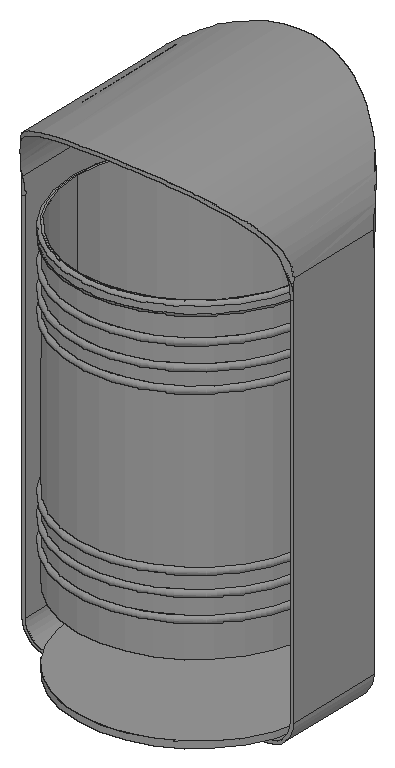
Revit family "Урна стальная «Марс» Арт 12733", category Антураж, Revit 2018
Family settings
  На основе рабочей плоскости = Нет
  Всегда вертикально = Да
  При загрузке вырезать с полостями = Нет
  Источник визуального образа = Геометрия семейства
  Общий = Нет
  Точка расчета площади = Нет
Parameters (values of type "Урна стальная «Марс»")
  Длина = 410 mm  # constant formula
  Ширина = 380 mm  # constant formula
  Цвет урны = Сталь (черная)
  Цвет отделки = Сталь (коричневая)
  Описание = "Урна стальная «Марс»"  # constant formula
  Материал изделия = "Сталь"  # constant formula
  Изображение типоразмера = Урна стальная «Марс» Арт 12733.jpg
  Изготовитель = "ООО «Хоббика»"  # constant formula
  Группа модели = "Уличные урны"  # constant formula
  Высота = 790 mm  # constant formula
  Артикул товара = "Арт. 12733"  # constant formula
  URL = "https://hobbyka.ru/product/urna_stalnaya_mars/"
Reference planes
  plane 1 "По центру (Вперед/Назад)": y = 0
  plane 2: z = 0
  plane 3 "По центру (Влево/Вправо)": x = 0
  plane 4: y = 380
  plane 5: x = 410
  plane 6: z = 790
Forms (mm)
  Revolve 1, solid, material "Сталь (черная)" <- "Цвет урны"
    sketch origin (0, 190, 0) x (1, 0, 0) y (0, 0, 1)
      loop
        line (205, 125) -> (390, 125) -> (390, 175)
        arc (390, 175) -> (395, 180) -> (390, 185) r 5
        line (390, 185) -> (390, 210)
        arc (390, 210) -> (395, 215) -> (390, 220) r 5
        line (390, 220) -> (390, 240)
        arc (390, 240) -> (395, 245) -> (390, 250) r 5
        line (390, 250) -> (390, 485)
        arc (390, 485) -> (395, 490) -> (390, 495) r 5
        line (390, 495) -> (390, 515)
        arc (390, 515) -> (395, 520) -> (390, 525) r 5
        line (390, 525) -> (390, 550)
        arc (390, 550) -> (395, 555) -> (390, 560) r 5
        line (390, 560) -> (390, 590)
        arc (390, 590) -> (393.536, 591.464) -> (395, 595) r 5
        line (395, 595) -> (395, 605)
        arc (395, 605) -> (393.536, 608.536) -> (390, 610) r 5
        line (390, 610) -> (388, 610) -> (388, 127) -> (205, 127) -> (205, 125)
      axis (205, 610) -> (205, 125)
    angle from 0 to 360
  Extrusion 2, solid, material "Сталь (коричневая)" <- "Цвет отделки"
    sketch origin (0, 0, 0) x (1, 0, 0) y (0, 0, 1)
      loop
        arc (0, 40) -> (11.716, 11.716) -> (40, 0) r 40
        line (40, 0) -> (370, 0)
        arc (370, 0) -> (398.284, 11.716) -> (410, 40) r 40
        line (410, 40) -> (410, 640)
        spline (410, 640) -> (403.015, 678.823) -> (382.535, 715) -> (349.957, 746.066) -> (307.5, 769.904) -> (258.058, 784.889) -> (205, 790) -> (151.942, 784.889) -> (102.5, 769.904) -> (60.043, 746.066) -> (27.465, 715) -> (6.985, 678.823) -> (0, 640)
        line (0, 640) -> (0, 40)
      loop
        spline (405, 640) -> (398.319, 677.104) -> (378.609, 711.902) -> (347.004, 742.03) -> (305.554, 765.297) -> (257.095, 779.981) -> (205, 784.998) -> (152.904, 779.982) -> (104.448, 765.294) -> (62.999, 742.029) -> (31.393, 711.903) -> (11.681, 677.104) -> (5, 640)
        line (5, 640) -> (5, 40)
        arc (5, 40) -> (15.251, 15.251) -> (40, 5) r 35
        line (40, 5) -> (370, 5)
        arc (370, 5) -> (394.749, 15.251) -> (405, 40) r 35
        line (405, 40) -> (405, 640)
    from 0 to -380
  Extrusion 3, solid, material "Сталь (коричневая)" <- "Цвет отделки"
    sketch origin (0, 0, 0) x (1, 0, 0) y (0, 1, 0)
      loop
        circle (205, 190) r 185
    from 5 to 15
  Extrusion 4, void
    sketch origin (0, 0, 0) x (0, 1, 0) y (0, 0, 1)
      loop
        line (265, 610) -> (265, 0) -> (380, 0) -> (380, 705)
        arc (380, 705) -> (300.128, 684.582) -> (265, 610) r 96.739
      loop
        arc (115, 610) -> (79.872, 684.582) -> (0, 705) r 96.739
        line (0, 705) -> (0, 0) -> (115, 0) -> (115, 610)
    from 0 to 410
  Extrusion 5, void
    sketch origin (0, 0, 0) x (1, 0, 0) y (0, 1, 0)
      loop
        line (0, 430.309) -> (0, 265.309)
        arc (0, 265.309) -> (205, 380) -> (410, 265.309) r 240.555
        line (410, 265.309) -> (410, 430.309) -> (0, 430.309)
      loop
        line (0, -50.309) -> (410, -50.309) -> (410, 114.691)
        arc (410, 114.691) -> (205, 0) -> (0, 114.691) r 240.555
        line (0, 114.691) -> (0, -50.309)
    from 610 to 888.844
Cuts and joins
  Extrusion 4, Extrusion 5 cuts Extrusion 2
Dimensions and locks
  "Длина": plane 5 to plane 3 "По центру (Влево/Вправо)"
  "Ширина": plane 4 to plane 1 "По центру (Вперед/Назад)"
  "Высота": plane 6 to plane 2
  aligned and locked: level to plane 2
Automatic sketch dimensions
  plane 3 "По центру (Влево/Вправо)" to Revolve 1 sketch curve = 205 mm
  Revolve 1 sketch curve to plane 5 = 22 mm
  Revolve 1 sketch curve to plane 5 = 20 mm
  Revolve 1 sketch curve to Revolve 1 sketch curve = 2 mm  (x2)
  Revolve 1 sketch curve to Revolve 1 sketch curve = 5 mm  (x7)
  level to Revolve 1 sketch curve = 125 mm
  Revolve 1 sketch curve to Revolve 1 sketch curve = 48 mm
  Revolve 1 sketch curve to Revolve 1 sketch curve = 25 mm  (x2)
  Revolve 1 sketch curve to Revolve 1 sketch curve = 20 mm  (x2)
  Revolve 1 sketch curve to Revolve 1 sketch curve = 235 mm
  Revolve 1 sketch curve to Revolve 1 sketch curve = 30 mm
  Revolve 1 sketch curve to Revolve 1 sketch curve = 10 mm
  Revolve 1 sketch curve to Revolve 1 sketch curve = 0 mm
  Revolve 1 sketch curve to Revolve 1 sketch curve = 55 mm
  Revolve 1 sketch curve to plane 6 = 140 mm
  Extrusion 2 sketch curve to level = 0 mm
  level to Extrusion 2 sketch curve = 40 mm
  Extrusion 2 sketch curve to plane 6 = 150 mm
  Extrusion 2 sketch curve to plane 3 "По центру (Влево/Вправо)" = 0 mm
  plane 3 "По центру (Влево/Вправо)" to Extrusion 2 sketch curve = 40 mm
  Extrusion 2 sketch curve to plane 5 = 0 mm
  Extrusion 2 sketch curve to Extrusion 2 sketch curve = 0 mm  (x5)
  level to Extrusion 2 sketch curve = 5 mm
  plane 3 "По центру (Влево/Вправо)" to Extrusion 3 sketch curve = 205 mm
  Extrusion 3 sketch curve to plane 1 "По центру (Вперед/Назад)" = 190 mm
  Extrusion 5 sketch curve to plane 3 "По центру (Влево/Вправо)" = 0 mm  (x2)
  Extrusion 5 sketch curve to plane 5 = 0 mm  (x2)
  Extrusion 5 sketch curve to plane 4 = 139.445 mm
  plane 3 "По центру (Влево/Вправо)" to Extrusion 5 sketch curve = 205 mm
  Extrusion 5 sketch curve to Extrusion 5 sketch curve = 0 mm
  plane 1 "По центру (Вперед/Назад)" to Extrusion 5 sketch curve = 50.309 mm
  Extrusion 5 sketch curve to plane 1 "По центру (Вперед/Назад)" = 114.691 mm
  Extrusion 5 sketch curve to Extrusion 5 sketch curve = 101.11 mm
  Extrusion 5 sketch curve to plane 4 = 114.691 mm
  plane 4 to Extrusion 5 sketch curve = 50.309 mm
  Extrusion 4 sketch curve to plane 1 "По центру (Вперед/Назад)" = 0 mm
  Extrusion 4 sketch curve to level = 0 mm  (x2)
  Extrusion 4 sketch curve to plane 4 = 0 mm
  Extrusion 4 sketch curve to plane 1 "По центру (Вперед/Назад)" = 18.261 mm
  Extrusion 4 sketch curve to plane 4 = 115 mm
  Extrusion 4 sketch curve to plane 4 = 18.261 mm
  Extrusion 4 sketch curve to plane 6 = 180 mm  (x2)
  Extrusion 4 sketch curve to plane 6 = 85 mm
  radius of Extrusion 3 sketch curve = 185 mm
